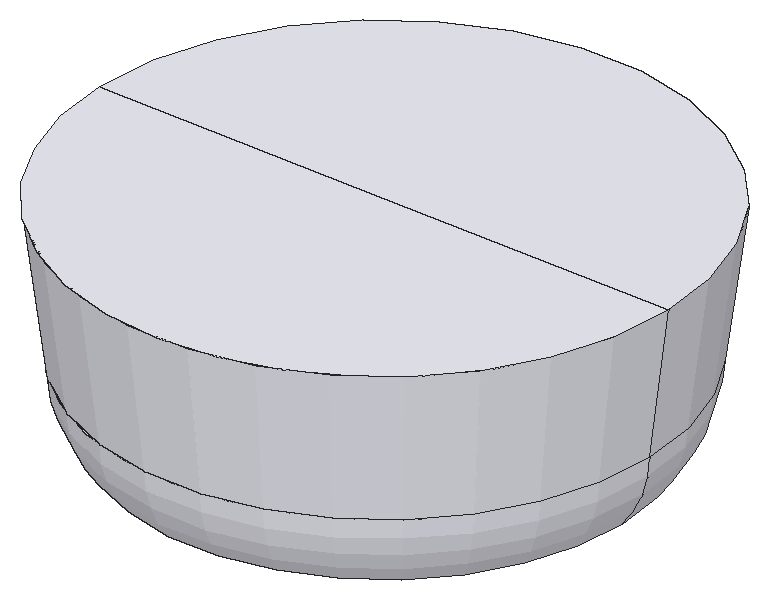
Revit family "BL2 AP Sans hôte", category Dispositifs d'éclairage, Revit 2019
Family settings
  Conserver l'orientation des annotations = Non
  Cote de connecteur circulaire = Utiliser le diamètre
  Type d'élément = Normal
  Basée sur le plan de construction = Oui
  Toujours verticalement = Oui
  Couper avec des vides une fois chargée = Non
  Partagée = Non
  Point de calcul de pièce = Non
Parameters (values of type "BL2 AP réf 93317")
  Portée frontale [instance] = Position en hauteur * 1.92  # 480 cm
  Portée de biais [instance] = Position en hauteur * 3.2  # 800 cm
  Hauteur de montage max préconisée [instance] = Hauteur de montage max  # 300 cm
  Hauteur de montage max = 300 cm
  Activitée assise [instance] = Position en hauteur * 1.28  # 320 cm
  Zone de detection [instance] = no
  URL = "http://www.luxomat.com"
  Type de Sortie = "TOR"
  Température ambiante = "-25°C à +50°C"
  Référence = "93317+93256"
  Relais = "4.3 A"
  Position en hauteur [instance] = 250 cm
  Mode de pose = "Saillie"
  Etiquette [instance] = yes
  Modèle = "BL2 AP"
  Marque = "LUXOMAT"
  Image du type = 360°.jpg
  IP = "23"
  Fabricant = "B.E.G."
  Default Elevation = 0 cm
  Consommation = "0.30 W"
  Commentaires du type = "DET.MOUV.1 CONTACT.360°/Ø8M APPARENT"
  Code d'assemblage = "D5010200"
  Classe = "II"
  Charge LED = "200 W"
  Charge Cos ɸ =1 = "1000 W"
  Charge Cos ɸ =0.5 = "500 VA"
  Zone assise [instance] = Position en hauteur < 300.1 cm  # yes
  Alimentation = "110-240 V AC"
Reference planes (cm)
  plane 1 "Centre (avant/arrière)": y = 0
  plane 2: z = 0
  plane 3 "Centre (gauche/droite)": x = 0
Dimensions and locks (cm)
  aligned and locked: level to plane 2
  aligned and locked: nested 4 to plane 1 "Centre (avant/arrière)"
  aligned and locked: nested 4 to plane 3 "Centre (gauche/droite)"
Nested families (cm)
  nested 1: "Famille4" at (3.75, -61.5756, 0), visible <- "Etiquette", référence <- "Référence", modèle <- "Modèle", type "Famille4"
    with référence "93317+93256", modèle "BL2 AP"
  nested 2: "Plafond 360° 2D" at (0, 0, 0), type "Plafond 360° 2D"
  nested 3: "Modèle BL2 AP" at (0, 0, 0), type "Standard"
  nested 4: "zone BL2" at (0, 0, 0), visible <- "Zone de detection", activité assise <- "Activitée assise", biais <- "Portée de biais", frontal <- "Portée frontale", Zone assise <- "Zone assise", type "zone BL2"
    with position 2 192 cm, position 1 320 cm, frontal 480 cm, biais 800 cm, activité assise 320 cm, Zone assise yes
Connectors (cm)
  electrical at (0, 0, 0)
    settings: index 1, voltage 230 V, apparent load 0 VA, apparent load phase1 0 VA, apparent load phase2 0 VA, apparent load phase3 0 VA, power factor 1, load classification "Eclairage", number of poles 1, system type 31, power factor state 1, is connector primary yes, connector utility no, sub classification motor no, connector description ""
Definition of nested family "Modèle BL2 AP"
  Parameters (values of type "Standard")
    d98 = 0 cm
    d106 = 0 cm
  Reference planes (cm)
    plane 1 "Centre (avant/arrière)": y = 0
    plane 2: z = 0
    plane 3 "Centre (gauche/droite)": x = 0
    plane 4: x = 0
  Forms (cm)
    Revolve 1, solid
      sketch origin (0, 0, -3.9) x (0, -1, 0) y (0, 0, -1)
        loop
          line (-4, 0.2021) -> (0, 0.2021) -> (0, 0.3938) -> (-2.25, 0.3938) -> (-4, 0.2021)
        axis (0, 0.3938) -> (0, 0.2021)
      angle from 0 to 360
    Revolve 2, solid
      sketch origin (0, 0, -3.9) x (0, -1, 0) y (0, 0, -1)
        loop
          line (0, 0.3938) -> (0, 1.8938)
          arc (0, 1.8938) -> (-1.3614, 1.4983) -> (-2.25, 0.3938) r 2.3582
          line (-2.25, 0.3938) -> (0, 0.3938)
        axis (0, 1.8938) -> (0, 0.3938)
      angle from 0 to 360
    Revolve 3, solid
      sketch origin (0, 0, -3.9) x (-1, 0, 0) y (0, 0, -1)
        loop
          line (4, 0.2021) -> (0, 0.2021) -> (0, -1.2979) -> (5, -1.2979)
          arc (5, -1.2979) -> (4.857, -0.6057) -> (4.4925, 0) r 2.1006
          line (4.4925, 0) -> (4, 0.2021)
        axis (0, 0.2021) -> (0, -1.2979)
      angle from 0 to 360
    Revolve 4, solid
      sketch origin (0, 0, -3.9) x (-1, 0, 0) y (0, 0, -1)
        loop
          line (0, -1.2979) -> (-5, -1.2979) -> (-5.35, -3.9) -> (0, -3.9) -> (0, -1.2979)
        axis (0, -1.2979) -> (0, -3.9)
      angle from 0 to 360
    Revolve 5, solid, not visible
      sketch origin (0, 0, 3.9) x (0, -1, 0) y (0, 0, 1)
        loop
          line (-4, 0.2021) -> (0, 0.2021) -> (0, 0.3938) -> (-2.25, 0.3938) -> (-4, 0.2021)
        axis (0, 0.3938) -> (0, 0.2021)
      angle from 0 to 360
    Revolve 6, solid, not visible
      sketch origin (0, 0, 3.9) x (0, -1, 0) y (0, 0, 1)
        loop
          line (0, 0.3938) -> (0, 1.8938)
          arc (0, 1.8938) -> (-1.3614, 1.4983) -> (-2.25, 0.3938) r 2.3582
          line (-2.25, 0.3938) -> (0, 0.3938)
        axis (0, 1.8938) -> (0, 0.3938)
      angle from 0 to 360
    Revolve 7, solid, not visible
      sketch origin (0, 0, 3.9) x (1, 0, 0) y (0, 0, 1)
        loop
          line (4, 0.2021) -> (0, 0.2021) -> (0, -1.2979) -> (5, -1.2979)
          arc (5, -1.2979) -> (4.857, -0.6057) -> (4.4925, 0) r 2.1006
          line (4.4925, 0) -> (4, 0.2021)
        axis (0, 0.2021) -> (0, -1.2979)
      angle from 0 to 360
    Revolve 8, solid, not visible
      sketch origin (0, 0, 3.9) x (1, 0, 0) y (0, 0, 1)
        loop
          line (0, -1.2979) -> (-5, -1.2979) -> (-5.35, -3.9) -> (0, -3.9) -> (0, -1.2979)
        axis (0, -1.2979) -> (0, -3.9)
      angle from 0 to 360
  Dimensions and locks (cm)
    aligned and locked: level to plane 2
Definition of nested family "Famille4"
  Parameters (values of type "Famille4")
    référence [instance] = ""
    modèle [instance] = ""
  Reference planes (cm)
    plane 1: y = 0
    plane 2: x = 0
  Text (cm)
    label "référence\nmodèle" at (-0.0547, 0.0091, 0), shows "référence", "modèle"
Definition of nested family "Plafond 360° 2D"
  Reference planes (cm)
    plane 1: y = 0
    plane 2: x = 0
  Lines and regions (cm)
    Filled region 1, type "rouge"
      outline origin (0, 0, 0) x (1, 0, 0) y (0, 1, 0)
        loop
          circle (0, 0) r 0.0294
    detail lines
      curve 1: arc (-0.1732, 0.1, 0) -> (-0.2, 0, 0) -> (-0.1732, -0.1, 0) r 0.2
      curve 2: arc (-0.1, -0.1732, 0) -> (0, -0.2, 0) -> (0.1, -0.1732, 0) r 0.2
      curve 3: arc (0.1732, -0.1, 0) -> (0.2, 0, 0) -> (0.1732, 0.1, 0) r 0.2
      curve 4: arc (0.1, 0.1732, 0) -> (0, 0.2, 0) -> (-0.1, 0.1732, 0) r 0.2
      curve 5: arc (-0.1375, 0.0794, 0) -> (-0.1588, 0, 0) -> (-0.1375, -0.0794, 0) r 0.1588
      curve 6: arc (-0.0794, -0.1375, 0) -> (0, -0.1588, 0) -> (0.0794, -0.1375, 0) r 0.1588
      curve 7: arc (0.1375, -0.0794, 0) -> (0.1588, 0, 0) -> (0.1375, 0.0794, 0) r 0.1588
      curve 8: arc (0.0794, 0.1375, 0) -> (0, 0.1588, 0) -> (-0.0794, 0.1375, 0) r 0.1588
      curve 9: arc (-0.1019, 0.0588, 0) -> (-0.1176, 0, 0) -> (-0.1019, -0.0588, 0) r 0.1176
      curve 10: arc (-0.0588, -0.1019, 0) -> (0, -0.1176, 0) -> (0.0588, -0.1019, 0) r 0.1176
      curve 11: arc (0.1019, -0.0588, 0) -> (0.1176, 0, 0) -> (0.1019, 0.0588, 0) r 0.1176
      curve 12: arc (0.0588, 0.1019, 0) -> (0, 0.1176, 0) -> (-0.0588, 0.1019, 0) r 0.1176
      curve 13: arc (-0.0294, 0, 0) -> (0, -0.0294, 0) -> (0.0294, 0, 0) r 0.0294
      curve 14: arc (0.0294, 0, 0) -> (0, 0.0294, 0) -> (-0.0294, 0, 0) r 0.0294
Definition of nested family "zone BL2"
  Parameters (values of type "zone BL2")
    position 2 [instance] = (frontal / 2) * 0.8  # 192 cm
    position 1 [instance] = ((biais / 2) + (frontal / 2)) / 2  # 320 cm
    frontal [instance] = 480 cm
    biais [instance] = 800 cm
    activité assise [instance] = 320 cm
    Zone assise [instance] = yes
  Reference planes (cm)
    plane 1 "Centre (avant/arrière)": y = 0
    plane 2: z = 0
    plane 3 "Centre (gauche/droite)": x = 0
    plane 4: x = -320
    plane 5: y = -192
  Lines and regions (cm)
    detail lines, in view "Niveau de réf.", visible <- "Zone assise"
      curve 1: circle (0, 0, 0) r 160 normal (0, 0, 1)
      curve 16: spline (-100.1609, 35.3835, 0) -> (-99.2494, 35.2529, 0) -> (-98.3931, 34.8281, 0) -> (-97.6502, 34.138, 0) -> (-97.0714, 33.2297, 0) -> (-96.6961, 32.165, 0) -> (-96.55, 31.0166, 0) -> (-96.643, 29.8626, 0) -> (-96.9687, 28.7818, 0) -> (-97.5049, 27.8477, 0) -> (-98.2152, 27.1241, 0) -> (-99.051, 26.6602, 0) -> (-99.9555, 26.4877, 0) -> (-100.867, 26.6183, 0) -> (-101.7234, 27.0431, 0) -> (-102.4663, 27.7332, 0) -> (-103.0451, 28.6415, 0) -> (-103.4203, 29.7062, 0) -> (-103.5664, 30.8546, 0) -> (-103.4735, 32.0085, 0) -> (-103.1478, 33.0894, 0) -> (-102.6115, 34.0234, 0) -> (-101.9013, 34.7471, 0) -> (-101.0654, 35.211, 0) -> (-100.1609, 35.3835, 0)
      curve 17: line (-100, 26, 0) -> (-100, 0, 0)
      curve 18: line (-100, 0, 0) -> (-83, 0, 0)
      curve 19: line (-83, 0, 0) -> (-83, -21, 0)
      curve 20: line (-100, 22.2972, 0) -> (-87.1203, 15.4489, 0)
      curve 21: line (-110.5298, 20.3537, 0) -> (-105.6439, -2.6328, 0)
      curve 22: line (-105.6439, -2.6328, 0) -> (-85.0082, -2.6328, 0)
      curve 23: line (-90.8164, -2.6328, 0) -> (-90.8164, -21, 0)
      curve 24: line (-102.3261, -2.6328, 0) -> (-102.3261, -21, 0)
      curve 34: line (-90.8164, 8.5, 0) -> (-64.3164, 8.5, 0)
      curve 35: line (-75.5, -21, 0) -> (-75.5, 8.5, 0)
      curve 36: line (-69, -21, 0) -> (-69, 8.5, 0)
    detail lines, in view "Niveau de réf."
      curve 2: circle (0, 0, 0) r 240 normal (0, 0, 1)
      curve 3: circle (0, 0, 0) r 400 normal (0, 0, 1)
      curve 4: line (-320, -41.4725, 0) -> (-320, 41.4725, 0)
      curve 5: line (-320, 41.4725, 0) -> (-342.1638, 13.1041, 0)
      curve 6: line (-320, 41.4725, 0) -> (-297.8362, 13.1041, 0)
      curve 10: line (0, -225.6316, 0) -> (0, -163.6316, 0)
      curve 11: line (0, -163.6316, 0) -> (-22.1638, -192, 0)
      curve 12: line (0, -163.6316, 0) -> (22.1638, -192, 0)
    detail lines, in view "Niveau de réf.", not visible
      curve 7: line (628.0656, -64.277, 0) -> (628.0656, 18.6681, 0)
      curve 8: line (628.0656, 18.6681, 0) -> (605.9018, -9.7003, 0)
      curve 9: line (628.0656, 18.6681, 0) -> (650.2294, -9.7003, 0)
      curve 13: line (628.0656, -43.3319, 0) -> (628.0656, 18.6681, 0)
      curve 14: line (628.0656, 18.6681, 0) -> (605.9018, -9.7003, 0)
      curve 15: line (628.0656, 18.6681, 0) -> (650.2294, -9.7003, 0)
    detail lines, in view "Niveau de réf.", visible <- "Zone assise", not visible
      curve 25: spline (932.3619, 15.8637, 0) -> (933.2734, 15.7331, 0) -> (934.1297, 15.3083, 0) -> (934.8726, 14.6182, 0) -> (935.4514, 13.7099, 0) -> (935.8267, 12.6452, 0) -> (935.9728, 11.4968, 0) -> (935.8798, 10.3428, 0) -> (935.5541, 9.262, 0) -> (935.0179, 8.3279, 0) -> (934.3076, 7.6043, 0) -> (933.4718, 7.1404, 0) -> (932.5673, 6.9679, 0) -> (931.6558, 7.0985, 0) -> (930.7994, 7.5233, 0) -> (930.0565, 8.2134, 0) -> (929.4777, 9.1217, 0) -> (929.1025, 10.1864, 0) -> (928.9564, 11.3348, 0) -> (929.0493, 12.4888, 0) -> (929.375, 13.5696, 0) -> (929.9113, 14.5037, 0) -> (930.6215, 15.2273, 0) -> (931.4574, 15.6912, 0) -> (932.3619, 15.8637, 0)
      curve 26: line (932.5228, 6.4802, 0) -> (932.5228, -19.5198, 0)
      curve 27: line (932.5228, -19.5198, 0) -> (949.5228, -19.5198, 0)
      curve 28: line (949.5228, -19.5198, 0) -> (949.5228, -40.5198, 0)
      curve 29: line (932.5228, 2.7774, 0) -> (945.4025, -4.0709, 0)
      curve 30: line (921.993, 0.8339, 0) -> (926.8789, -22.1526, 0)
      curve 31: line (926.8789, -22.1526, 0) -> (947.5146, -22.1526, 0)
      curve 32: line (941.7064, -22.1526, 0) -> (941.7064, -40.5198, 0)
      curve 33: line (930.1967, -22.1526, 0) -> (930.1967, -40.5198, 0)
      curve 37: line (941.7064, -11.0198, 0) -> (968.2064, -11.0198, 0)
      curve 38: line (957.0228, -40.5198, 0) -> (957.0228, -11.0198, 0)
      curve 39: line (963.5228, -40.5198, 0) -> (963.5228, -11.0198, 0)
  Dimensions and locks (cm)
    "position 1": plane 4 to plane 3 "Centre (gauche/droite)"
    "position 2": plane 5 to plane 1 "Centre (avant/arrière)"
    "activité assise": diameter of curve 1
    "biais": diameter of curve 3
    "frontal": diameter of curve 2
    aligned and locked: plane 4 to curve 4
    aligned and locked: plane 1 "Centre (avant/arrière)" to curve 18
    aligned and locked: curve 10 to plane 3 "Centre (gauche/droite)"
    aligned and locked: plane 5 to curve 12
  Automatic sketch dimensions
    curve 5 to curve 5 = 22.1638 cm
    curve 4 to curve 6 = 22.1638 cm
    curve 6 to curve 5 = 28.3684 cm
    curve 5 to curve 5 = 28.3684 cm
    curve 4 to curve 5 = 54.5767 cm
    curve 8 to curve 8 = 22.1638 cm
    curve 7 to curve 9 = 22.1638 cm
    curve 9 to curve 8 = 28.3684 cm
    curve 8 to curve 8 = 28.3684 cm
    curve 7 to curve 8 = 54.5767 cm
    curve 21 to curve 17 = 5.6439 cm
    curve 17 to curve 19 = 17 cm
    curve 22 to curve 19 = 2.6328 cm
    curve 21 to curve 20 = 10.5298 cm
    curve 21 to curve 24 = 3.3178 cm
    curve 16 to curve 17 = 0.1609 cm
    curve 16 to curve 16 = 0.1027 cm
    curve 23 to curve 18 = 7.8164 cm
    curve 34 to curve 23 = 0 cm
    curve 34 to curve 20 = 3.6961 cm
    curve 22 to curve 18 = 2.0082 cm
    curve 19 to curve 35 = 7.5 cm
    curve 35 to curve 36 = 6.5 cm
    curve 36 to curve 34 = 4.6836 cm
    curve 35 to curve 22 = 18.3672 cm
    curve 23 to curve 35 = 0 cm
    curve 19 to curve 35 = 0 cm
    curve 35 to curve 36 = 0 cm
    curve 24 to curve 23 = 0 cm
    curve 18 to curve 36 = 8.5 cm
    curve 34 to curve 20 = 6.9489 cm
    curve 17 to curve 21 = 20.3537 cm
    curve 21 to curve 20 = 1.9435 cm
    curve 20 to curve 17 = 3.7028 cm
    curve 17 to curve 16 = 4.9356 cm
    curve 30 to curve 26 = 5.6439 cm
    curve 26 to curve 28 = 17 cm
    curve 31 to curve 28 = 2.6328 cm
    curve 30 to curve 29 = 10.5298 cm
    curve 30 to curve 33 = 3.3178 cm
    curve 25 to curve 26 = 0.1609 cm
    curve 25 to curve 25 = 0.1027 cm
    curve 32 to curve 27 = 7.8164 cm
    curve 37 to curve 32 = 0 cm
    curve 37 to curve 29 = 3.6961 cm
    curve 31 to curve 27 = 2.0082 cm
    curve 28 to curve 38 = 7.5 cm
    curve 38 to curve 39 = 6.5 cm
    curve 39 to curve 37 = 4.6836 cm
    curve 38 to curve 31 = 18.3672 cm
    curve 32 to curve 38 = 0 cm
    curve 28 to curve 38 = 0 cm
    curve 38 to curve 39 = 0 cm
    curve 33 to curve 32 = 0 cm
    curve 27 to curve 39 = 8.5 cm
    curve 37 to curve 29 = 6.9489 cm
    curve 26 to curve 30 = 20.3537 cm
    curve 30 to curve 29 = 1.9435 cm
    curve 29 to curve 26 = 3.7028 cm
    curve 26 to curve 25 = 4.9356 cm
    curve 11 to curve 10 = 22.1638 cm
    curve 10 to curve 12 = 22.1638 cm
    curve 12 to curve 10 = 28.3684 cm
    curve 11 to curve 10 = 28.3684 cm
    curve 10 to curve 11 = 33.6316 cm
    curve 14 to curve 13 = 22.1638 cm
    curve 13 to curve 15 = 22.1638 cm
    curve 15 to curve 13 = 28.3684 cm
    curve 14 to curve 13 = 28.3684 cm
    curve 13 to curve 14 = 33.6316 cm
    curve 1 to curve 2 = 0 cm  (x2)
    curve 1 to curve 3 = 0 cm  (x2)
    curve 2 to curve 3 = 0 cm  (x2)
    plane 1 "Centre (avant/arrière)" to curve 2 = 0 cm
    curve 2 to plane 3 "Centre (gauche/droite)" = 0 cm
